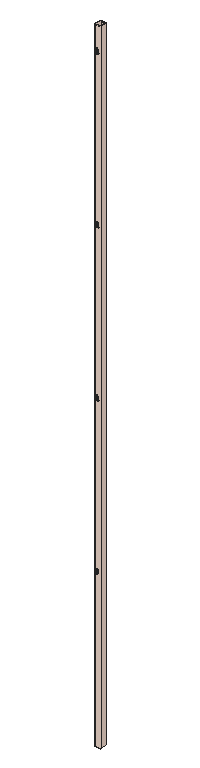
Revit family "SQ-PowerBar4050", category 機械設備, Revit 2020
Family settings
  丸型コネクタ寸法 = 直径を使用
  種別 = なし
  パーツ タイプ = 標準
  作業面ベース = いいえ
  常に垂直 = はい
  ロード時にボイドで切り取り = いいえ
  共有 = いいえ
  部屋計算ポイント = いいえ
Parameters
  製造元 = "株式会社桐井製作所"
  既定の高さ = 0 mm
  振れ止め本数 [instance] = roundup(([K_長さ(mm)] - 1200 mm) * 1 / 振れ止めピッチ) * 1  # 4
  振れ止めピッチ = 1200 mm  # constant formula
  URL = "https://www.kirii.co.jp/"
  K_長さ(mm) [instance] = 5000 mm
  K_外形寸法(mm) = "40×50×0.45"
  K_品名 = "SQ-PowerBar4050"
  K_名称 = "スタッド"
  K_バージョン情報 = "20210714"
Reference planes
  plane 1 "中心(正面/背面)": y = 0
  plane 2: z = 0
  plane 3 "中心(左/右)": x = 0
  plane 4: x = 20
  plane 5: x = -20
  plane 6: y = 24.99
  plane 7: z = 5000
  plane 8: y = -25.01
  plane 9: z = 1200
Forms (mm)
  Extrusion 1, solid
    sketch origin (0.5, -20, 0) x (1, 0, 0) y (0, 1, 0)
      loop
        line (-20.5, 44.99) -> (-20.5, -5.01) -> (19.5, -5.01) -> (19.5, 44.99) -> (-20.5, 44.99)
      loop
        line (-20.05, 44.54) -> (-20.05, -4.56) -> (19.05, -4.56) -> (19.05, 44.54) -> (-20.05, 44.54)
    from 0 to 5000
  Extrusion 2, void
    sketch origin (0, 0, -2.498) x (1, 0, 0) y (0, 0, 1)
      loop
        line (9.5, 1214.5) -> (10.689, 1225.606)
        arc (10.689, 1225.606) -> (9.707, 1231.368) -> (5.855, 1235.765) r 10.75
        arc (5.855, 1235.765) -> (5.521, 1236.127) -> (5.4, 1236.604) r 1
        line (5.4, 1236.604) -> (5.4, 1238.5)
        arc (5.4, 1238.5) -> (5.107, 1239.207) -> (4.4, 1239.5) r 1
        line (4.4, 1239.5) -> (-4.4, 1239.5)
        arc (-4.4, 1239.5) -> (-5.107, 1239.207) -> (-5.4, 1238.5) r 1
        line (-5.4, 1238.5) -> (-5.4, 1236.604)
        arc (-5.4, 1236.604) -> (-5.521, 1236.127) -> (-5.855, 1235.765) r 1
        arc (-5.855, 1235.765) -> (-9.707, 1231.368) -> (-10.689, 1225.606) r 10.75
        line (-10.689, 1225.606) -> (-9.5, 1214.5) -> (-9.5, 1211.956) -> (-8.421, 1209.153)
        arc (-8.421, 1209.153) -> (-8.3, 1208.52) -> (-8.407, 1207.885) r 1.817
        line (-8.407, 1207.885) -> (-9.501, 1204.847) -> (-9.501, 1203.499)
        arc (-9.501, 1203.499) -> (-9.208, 1202.791) -> (-8.5, 1202.498) r 1.001
        line (-8.5, 1202.498) -> (-6.417, 1202.498)
        arc (-6.417, 1202.498) -> (-5.841, 1202.309) -> (-5.486, 1201.818) r 0.978
        line (-5.486, 1201.818) -> (-5.359, 1201.002)
        arc (-5.359, 1201.002) -> (-5.072, 1200.31) -> (-4.379, 1200.023) r 0.979
        line (-4.379, 1200.023) -> (4.379, 1200.023)
        arc (4.379, 1200.023) -> (5.072, 1200.31) -> (5.359, 1201.002) r 0.979
        line (5.359, 1201.002) -> (5.486, 1201.818)
        arc (5.486, 1201.818) -> (5.841, 1202.309) -> (6.417, 1202.498) r 0.978
        line (6.417, 1202.498) -> (8.5, 1202.5)
        arc (8.5, 1202.5) -> (9.207, 1202.793) -> (9.5, 1203.5) r 1
        line (9.5, 1203.5) -> (9.5, 1204.849) -> (8.407, 1207.885)
        arc (8.407, 1207.885) -> (8.3, 1208.52) -> (8.421, 1209.153) r 1.817
        line (8.421, 1209.153) -> (9.5, 1211.956) -> (9.5, 1214.5)
    from -24.99 to -23.622
  Extrusion 3, void
    sketch origin (0, 0, 0) x (1, 0, 0) y (0, 0, 1)
      loop
        line (-4.774, 1234.724) -> (-4.8, 1233.869)
        arc (-4.8, 1233.869) -> (-9.43, 1229.41) -> (-10.689, 1223.106) r 10.75
        line (-10.689, 1223.106) -> (-9.5, 1212.003) -> (-9.5, 1209.457) -> (-9.5, 1200.952)
        arc (-9.5, 1200.952) -> (-9.19, 1200.276) -> (-8.5, 1200) r 1.001
        line (-8.5, 1200) -> (-4.8, 1200)
        arc (-4.8, 1200) -> (-4.507, 1199.293) -> (-3.8, 1199) r 1
        line (-3.8, 1199) -> (3.8, 1199)
        arc (3.8, 1199) -> (4.507, 1199.293) -> (4.8, 1200) r 1
        line (4.8, 1200) -> (8.5, 1200.002)
        arc (8.5, 1200.002) -> (9.207, 1200.295) -> (9.5, 1201) r 1
        line (9.5, 1201) -> (9.5, 1210) -> (9.5, 1212) -> (10.689, 1223.106)
        arc (10.689, 1223.106) -> (9.431, 1229.41) -> (4.8, 1233.869) r 10.75
        line (4.8, 1233.869) -> (4.774, 1234.724)
        arc (4.774, 1234.724) -> (4.423, 1235.282) -> (3.8, 1235.5) r 1
        line (3.8, 1235.5) -> (-3.8, 1235.5)
        arc (-3.8, 1235.5) -> (-4.423, 1235.282) -> (-4.774, 1234.724) r 1
    from 23.953 to 25.01
  Extrusion 4, void
    sketch origin (0, 0, 1200) x (1, 0, 0) y (0, 0, 1)
      loop
        line (-4.774, 1234.724) -> (-4.8, 1233.869)
        arc (-4.8, 1233.869) -> (-9.43, 1229.41) -> (-10.689, 1223.106) r 10.75
        line (-10.689, 1223.106) -> (-9.5, 1212.003) -> (-9.5, 1209.457) -> (-9.5, 1200.952)
        arc (-9.5, 1200.952) -> (-9.19, 1200.276) -> (-8.5, 1200) r 1.001
        line (-8.5, 1200) -> (-4.8, 1200)
        arc (-4.8, 1200) -> (-4.507, 1199.293) -> (-3.8, 1199) r 1
        line (-3.8, 1199) -> (3.8, 1199)
        arc (3.8, 1199) -> (4.507, 1199.293) -> (4.8, 1200) r 1
        line (4.8, 1200) -> (8.5, 1200.002)
        arc (8.5, 1200.002) -> (9.207, 1200.295) -> (9.5, 1201) r 1
        line (9.5, 1201) -> (9.5, 1210) -> (9.5, 1212) -> (10.689, 1223.106)
        arc (10.689, 1223.106) -> (9.431, 1229.41) -> (4.8, 1233.869) r 10.75
        line (4.8, 1233.869) -> (4.774, 1234.724)
        arc (4.774, 1234.724) -> (4.423, 1235.282) -> (3.8, 1235.5) r 1
        line (3.8, 1235.5) -> (-3.8, 1235.5)
        arc (-3.8, 1235.5) -> (-4.423, 1235.282) -> (-4.774, 1234.724) r 1
    from 23.953 to 25.01
  Extrusion 5, void
    sketch origin (0, 0, 2400) x (1, 0, 0) y (0, 0, 1)
      loop
        line (-4.774, 1234.724) -> (-4.8, 1233.869)
        arc (-4.8, 1233.869) -> (-9.43, 1229.41) -> (-10.689, 1223.106) r 10.75
        line (-10.689, 1223.106) -> (-9.5, 1212.003) -> (-9.5, 1209.457) -> (-9.5, 1200.952)
        arc (-9.5, 1200.952) -> (-9.19, 1200.276) -> (-8.5, 1200) r 1.001
        line (-8.5, 1200) -> (-4.8, 1200)
        arc (-4.8, 1200) -> (-4.507, 1199.293) -> (-3.8, 1199) r 1
        line (-3.8, 1199) -> (3.8, 1199)
        arc (3.8, 1199) -> (4.507, 1199.293) -> (4.8, 1200) r 1
        line (4.8, 1200) -> (8.5, 1200.002)
        arc (8.5, 1200.002) -> (9.207, 1200.295) -> (9.5, 1201) r 1
        line (9.5, 1201) -> (9.5, 1210) -> (9.5, 1212) -> (10.689, 1223.106)
        arc (10.689, 1223.106) -> (9.431, 1229.41) -> (4.8, 1233.869) r 10.75
        line (4.8, 1233.869) -> (4.774, 1234.724)
        arc (4.774, 1234.724) -> (4.423, 1235.282) -> (3.8, 1235.5) r 1
        line (3.8, 1235.5) -> (-3.8, 1235.5)
        arc (-3.8, 1235.5) -> (-4.423, 1235.282) -> (-4.774, 1234.724) r 1
    from 23.953 to 25.01
  Extrusion 6, void
    sketch origin (0, 0, 3600) x (1, 0, 0) y (0, 0, 1)
      loop
        line (-4.774, 1234.724) -> (-4.8, 1233.869)
        arc (-4.8, 1233.869) -> (-9.43, 1229.41) -> (-10.689, 1223.106) r 10.75
        line (-10.689, 1223.106) -> (-9.5, 1212.003) -> (-9.5, 1209.457) -> (-9.5, 1200.952)
        arc (-9.5, 1200.952) -> (-9.19, 1200.276) -> (-8.5, 1200) r 1.001
        line (-8.5, 1200) -> (-4.8, 1200)
        arc (-4.8, 1200) -> (-4.507, 1199.293) -> (-3.8, 1199) r 1
        line (-3.8, 1199) -> (3.8, 1199)
        arc (3.8, 1199) -> (4.507, 1199.293) -> (4.8, 1200) r 1
        line (4.8, 1200) -> (8.5, 1200.002)
        arc (8.5, 1200.002) -> (9.207, 1200.295) -> (9.5, 1201) r 1
        line (9.5, 1201) -> (9.5, 1210) -> (9.5, 1212) -> (10.689, 1223.106)
        arc (10.689, 1223.106) -> (9.431, 1229.41) -> (4.8, 1233.869) r 10.75
        line (4.8, 1233.869) -> (4.774, 1234.724)
        arc (4.774, 1234.724) -> (4.423, 1235.282) -> (3.8, 1235.5) r 1
        line (3.8, 1235.5) -> (-3.8, 1235.5)
        arc (-3.8, 1235.5) -> (-4.423, 1235.282) -> (-4.774, 1234.724) r 1
    from 23.953 to 25.01
  Extrusion 7, void
    sketch origin (0, 0, 1197.502) x (1, 0, 0) y (0, 0, 1)
      loop
        line (9.5, 1214.5) -> (10.689, 1225.606)
        arc (10.689, 1225.606) -> (9.707, 1231.368) -> (5.855, 1235.765) r 10.75
        arc (5.855, 1235.765) -> (5.521, 1236.127) -> (5.4, 1236.604) r 1
        line (5.4, 1236.604) -> (5.4, 1238.5)
        arc (5.4, 1238.5) -> (5.107, 1239.207) -> (4.4, 1239.5) r 1
        line (4.4, 1239.5) -> (-4.4, 1239.5)
        arc (-4.4, 1239.5) -> (-5.107, 1239.207) -> (-5.4, 1238.5) r 1
        line (-5.4, 1238.5) -> (-5.4, 1236.604)
        arc (-5.4, 1236.604) -> (-5.521, 1236.127) -> (-5.855, 1235.765) r 1
        arc (-5.855, 1235.765) -> (-9.707, 1231.368) -> (-10.689, 1225.606) r 10.75
        line (-10.689, 1225.606) -> (-9.5, 1214.5) -> (-9.5, 1211.956) -> (-8.421, 1209.153)
        arc (-8.421, 1209.153) -> (-8.3, 1208.52) -> (-8.407, 1207.885) r 1.817
        line (-8.407, 1207.885) -> (-9.501, 1204.847) -> (-9.501, 1203.499)
        arc (-9.501, 1203.499) -> (-9.208, 1202.791) -> (-8.5, 1202.498) r 1.001
        line (-8.5, 1202.498) -> (-6.417, 1202.498)
        arc (-6.417, 1202.498) -> (-5.841, 1202.309) -> (-5.486, 1201.818) r 0.978
        line (-5.486, 1201.818) -> (-5.359, 1201.002)
        arc (-5.359, 1201.002) -> (-5.072, 1200.31) -> (-4.379, 1200.023) r 0.979
        line (-4.379, 1200.023) -> (4.379, 1200.023)
        arc (4.379, 1200.023) -> (5.072, 1200.31) -> (5.359, 1201.002) r 0.979
        line (5.359, 1201.002) -> (5.486, 1201.818)
        arc (5.486, 1201.818) -> (5.841, 1202.309) -> (6.417, 1202.498) r 0.978
        line (6.417, 1202.498) -> (8.5, 1202.5)
        arc (8.5, 1202.5) -> (9.207, 1202.793) -> (9.5, 1203.5) r 1
        line (9.5, 1203.5) -> (9.5, 1204.849) -> (8.407, 1207.885)
        arc (8.407, 1207.885) -> (8.3, 1208.52) -> (8.421, 1209.153) r 1.817
        line (8.421, 1209.153) -> (9.5, 1211.956) -> (9.5, 1214.5)
    from -24.99 to -23.622
  Extrusion 8, void
    sketch origin (0, 0, 2397.502) x (1, 0, 0) y (0, 0, 1)
      loop
        line (9.5, 1214.5) -> (10.689, 1225.606)
        arc (10.689, 1225.606) -> (9.707, 1231.368) -> (5.855, 1235.765) r 10.75
        arc (5.855, 1235.765) -> (5.521, 1236.127) -> (5.4, 1236.604) r 1
        line (5.4, 1236.604) -> (5.4, 1238.5)
        arc (5.4, 1238.5) -> (5.107, 1239.207) -> (4.4, 1239.5) r 1
        line (4.4, 1239.5) -> (-4.4, 1239.5)
        arc (-4.4, 1239.5) -> (-5.107, 1239.207) -> (-5.4, 1238.5) r 1
        line (-5.4, 1238.5) -> (-5.4, 1236.604)
        arc (-5.4, 1236.604) -> (-5.521, 1236.127) -> (-5.855, 1235.765) r 1
        arc (-5.855, 1235.765) -> (-9.707, 1231.368) -> (-10.689, 1225.606) r 10.75
        line (-10.689, 1225.606) -> (-9.5, 1214.5) -> (-9.5, 1211.956) -> (-8.421, 1209.153)
        arc (-8.421, 1209.153) -> (-8.3, 1208.52) -> (-8.407, 1207.885) r 1.817
        line (-8.407, 1207.885) -> (-9.501, 1204.847) -> (-9.501, 1203.499)
        arc (-9.501, 1203.499) -> (-9.208, 1202.791) -> (-8.5, 1202.498) r 1.001
        line (-8.5, 1202.498) -> (-6.417, 1202.498)
        arc (-6.417, 1202.498) -> (-5.841, 1202.309) -> (-5.486, 1201.818) r 0.978
        line (-5.486, 1201.818) -> (-5.359, 1201.002)
        arc (-5.359, 1201.002) -> (-5.072, 1200.31) -> (-4.379, 1200.023) r 0.979
        line (-4.379, 1200.023) -> (4.379, 1200.023)
        arc (4.379, 1200.023) -> (5.072, 1200.31) -> (5.359, 1201.002) r 0.979
        line (5.359, 1201.002) -> (5.486, 1201.818)
        arc (5.486, 1201.818) -> (5.841, 1202.309) -> (6.417, 1202.498) r 0.978
        line (6.417, 1202.498) -> (8.5, 1202.5)
        arc (8.5, 1202.5) -> (9.207, 1202.793) -> (9.5, 1203.5) r 1
        line (9.5, 1203.5) -> (9.5, 1204.849) -> (8.407, 1207.885)
        arc (8.407, 1207.885) -> (8.3, 1208.52) -> (8.421, 1209.153) r 1.817
        line (8.421, 1209.153) -> (9.5, 1211.956) -> (9.5, 1214.5)
    from -24.99 to -23.622
  Extrusion 9, void
    sketch origin (0, 0, 3597.502) x (1, 0, 0) y (0, 0, 1)
      loop
        line (9.5, 1214.5) -> (10.689, 1225.606)
        arc (10.689, 1225.606) -> (9.707, 1231.368) -> (5.855, 1235.765) r 10.75
        arc (5.855, 1235.765) -> (5.521, 1236.127) -> (5.4, 1236.604) r 1
        line (5.4, 1236.604) -> (5.4, 1238.5)
        arc (5.4, 1238.5) -> (5.107, 1239.207) -> (4.4, 1239.5) r 1
        line (4.4, 1239.5) -> (-4.4, 1239.5)
        arc (-4.4, 1239.5) -> (-5.107, 1239.207) -> (-5.4, 1238.5) r 1
        line (-5.4, 1238.5) -> (-5.4, 1236.604)
        arc (-5.4, 1236.604) -> (-5.521, 1236.127) -> (-5.855, 1235.765) r 1
        arc (-5.855, 1235.765) -> (-9.707, 1231.368) -> (-10.689, 1225.606) r 10.75
        line (-10.689, 1225.606) -> (-9.5, 1214.5) -> (-9.5, 1211.956) -> (-8.421, 1209.153)
        arc (-8.421, 1209.153) -> (-8.3, 1208.52) -> (-8.407, 1207.885) r 1.817
        line (-8.407, 1207.885) -> (-9.501, 1204.847) -> (-9.501, 1203.499)
        arc (-9.501, 1203.499) -> (-9.208, 1202.791) -> (-8.5, 1202.498) r 1.001
        line (-8.5, 1202.498) -> (-6.417, 1202.498)
        arc (-6.417, 1202.498) -> (-5.841, 1202.309) -> (-5.486, 1201.818) r 0.978
        line (-5.486, 1201.818) -> (-5.359, 1201.002)
        arc (-5.359, 1201.002) -> (-5.072, 1200.31) -> (-4.379, 1200.023) r 0.979
        line (-4.379, 1200.023) -> (4.379, 1200.023)
        arc (4.379, 1200.023) -> (5.072, 1200.31) -> (5.359, 1201.002) r 0.979
        line (5.359, 1201.002) -> (5.486, 1201.818)
        arc (5.486, 1201.818) -> (5.841, 1202.309) -> (6.417, 1202.498) r 0.978
        line (6.417, 1202.498) -> (8.5, 1202.5)
        arc (8.5, 1202.5) -> (9.207, 1202.793) -> (9.5, 1203.5) r 1
        line (9.5, 1203.5) -> (9.5, 1204.849) -> (8.407, 1207.885)
        arc (8.407, 1207.885) -> (8.3, 1208.52) -> (8.421, 1209.153) r 1.817
        line (8.421, 1209.153) -> (9.5, 1211.956) -> (9.5, 1214.5)
    from -24.99 to -23.622
Cuts and joins
  Extrusion 2, Extrusion 3, Extrusion 4, Extrusion 5, Extrusion 6, Extrusion 7, Extrusion 8, Extrusion 9 cuts Extrusion 1
Dimensions and locks
  "K_長さ(mm)": plane 7 to level
  equal spacing: group 1, group 2, group 3, group 4  (x3)
  "振れ止めピッチ": plane 2 to plane 9
  equal spacing: group 5, group 6, group 7, group 8  (x3)
  aligned and locked: level to plane 2
  aligned and locked: plane 7 to Extrusion 1
  aligned and locked: plane 9 to cut or joined group 1 (Extrusion 1, Extrusion 2, Extrusion 3, Extrusion 4, Extrusion 5, Extrusion 6, Extrusion 7, Extrusion 8, Extrusion 9)
  aligned and locked: cut or joined group 1 to plane 9
Automatic sketch dimensions
  Extrusion 2 sketch curve to Extrusion 2 sketch curve = 1.188 mm
  Extrusion 2 sketch curve to Extrusion 2 sketch curve = 0.001 mm
  Extrusion 2 sketch curve to Extrusion 2 sketch curve = 1.001 mm
  Extrusion 2 sketch curve to Extrusion 2 sketch curve = 2.082 mm
  Extrusion 2 sketch curve to Extrusion 2 sketch curve = 4.289 mm
  Extrusion 2 sketch curve to Extrusion 2 sketch curve = 0.931 mm  (x2)
  Extrusion 2 sketch curve to Extrusion 2 sketch curve = 1 mm  (x6)
  Extrusion 2 sketch curve to Extrusion 2 sketch curve = 0.127 mm  (x2)
  Extrusion 2 sketch curve to Extrusion 2 sketch curve = 0.979 mm
  Extrusion 2 sketch curve to Extrusion 2 sketch curve = 10.689 mm  (x2)
  Extrusion 2 sketch curve to Extrusion 2 sketch curve = 8.759 mm
  Extrusion 2 sketch curve to Extrusion 2 sketch curve = 8.8 mm
  Extrusion 2 sketch curve to Extrusion 2 sketch curve = 2.083 mm
  Extrusion 2 sketch curve to Extrusion 2 sketch curve = 0 mm  (x5)
  Extrusion 2 sketch curve to Extrusion 2 sketch curve = 0.518 mm  (x2)
  Extrusion 2 sketch curve to Extrusion 2 sketch curve = 0.816 mm  (x2)
  Extrusion 2 sketch curve to Extrusion 2 sketch curve = 0.002 mm
  Extrusion 2 sketch curve to Extrusion 2 sketch curve = 8.457 mm
  Extrusion 2 sketch curve to Extrusion 2 sketch curve = 8.456 mm
  Extrusion 2 sketch curve to Extrusion 2 sketch curve = 2.544 mm  (x2)
  Extrusion 2 sketch curve to Extrusion 2 sketch curve = 11.106 mm  (x2)
  Extrusion 2 sketch curve to Extrusion 2 sketch curve = 1.144 mm
  Extrusion 2 sketch curve to Extrusion 2 sketch curve = 9.854 mm  (x2)
  Extrusion 2 sketch curve to Extrusion 2 sketch curve = 1.896 mm
  Extrusion 2 sketch curve to Extrusion 2 sketch curve = 1.079 mm
  Extrusion 2 sketch curve to Extrusion 2 sketch curve = 0.014 mm  (x2)
  Extrusion 2 sketch curve to Extrusion 2 sketch curve = 0.017 mm
  Extrusion 2 sketch curve to Extrusion 2 sketch curve = 1.093 mm
  Extrusion 2 sketch curve to Extrusion 2 sketch curve = 1.348 mm
  Extrusion 2 sketch curve to Extrusion 2 sketch curve = 1.349 mm
  Extrusion 2 sketch curve to Extrusion 2 sketch curve = 3.036 mm
  Extrusion 2 sketch curve to Extrusion 2 sketch curve = 3.038 mm
  Extrusion 2 sketch curve to Extrusion 2 sketch curve = 1.268 mm  (x2)
  Extrusion 2 sketch curve to Extrusion 2 sketch curve = 1.695 mm
  Extrusion 2 sketch curve to Extrusion 2 sketch curve = 1.709 mm
  Extrusion 3 sketch curve to Extrusion 3 sketch curve = 0 mm  (x7)
  Extrusion 3 sketch curve to Extrusion 3 sketch curve = 1 mm  (x4)
  Extrusion 3 sketch curve to Extrusion 3 sketch curve = 3.7 mm  (x2)
  Extrusion 3 sketch curve to Extrusion 3 sketch curve = 0.025 mm  (x2)
  Extrusion 3 sketch curve to Extrusion 3 sketch curve = 0.975 mm  (x2)
  Extrusion 3 sketch curve to Extrusion 3 sketch curve = 8.998 mm
  Extrusion 3 sketch curve to Extrusion 3 sketch curve = 2 mm
  Extrusion 3 sketch curve to Extrusion 3 sketch curve = 11.002 mm
  Extrusion 3 sketch curve to Extrusion 3 sketch curve = 11.102 mm
  Extrusion 3 sketch curve to Extrusion 3 sketch curve = 11.106 mm
  Extrusion 3 sketch curve to Extrusion 3 sketch curve = 1.144 mm
  Extrusion 3 sketch curve to Extrusion 3 sketch curve = 0.631 mm  (x2)
  Extrusion 3 sketch curve to Extrusion 3 sketch curve = 0.855 mm
  Extrusion 3 sketch curve to Extrusion 3 sketch curve = 0.002 mm
  Extrusion 3 sketch curve to Extrusion 3 sketch curve = 2.546 mm
  Extrusion 3 sketch curve to Extrusion 3 sketch curve = 0.001 mm
  Extrusion 3 sketch curve to Extrusion 3 sketch curve = 1.189 mm
  Extrusion 3 sketch curve to Extrusion 3 sketch curve = 5.889 mm
  Extrusion 3 sketch curve to Extrusion 3 sketch curve = 10.689 mm  (x2)
  Extrusion 3 sketch curve to Extrusion 3 sketch curve = 7.599 mm
  Extrusion 3 sketch curve to Extrusion 3 sketch curve = 7.6 mm
  Extrusion 3 sketch curve to Extrusion 3 sketch curve = 0.952 mm
  Extrusion 3 sketch curve to Extrusion 3 sketch curve = 1.002 mm
  Extrusion 4 sketch curve to Extrusion 4 sketch curve = 0 mm  (x7)
  Extrusion 4 sketch curve to Extrusion 4 sketch curve = 1 mm  (x4)
  Extrusion 4 sketch curve to Extrusion 4 sketch curve = 3.7 mm  (x2)
  Extrusion 4 sketch curve to Extrusion 4 sketch curve = 0.025 mm  (x2)
  Extrusion 4 sketch curve to Extrusion 4 sketch curve = 0.975 mm  (x2)
  Extrusion 4 sketch curve to Extrusion 4 sketch curve = 8.998 mm
  Extrusion 4 sketch curve to Extrusion 4 sketch curve = 2 mm
  Extrusion 4 sketch curve to Extrusion 4 sketch curve = 11.002 mm
  Extrusion 4 sketch curve to Extrusion 4 sketch curve = 11.102 mm
  Extrusion 4 sketch curve to Extrusion 4 sketch curve = 11.106 mm
  Extrusion 4 sketch curve to Extrusion 4 sketch curve = 1.144 mm
  Extrusion 4 sketch curve to Extrusion 4 sketch curve = 0.631 mm  (x2)
  Extrusion 4 sketch curve to Extrusion 4 sketch curve = 0.855 mm
  Extrusion 4 sketch curve to Extrusion 4 sketch curve = 0.002 mm
  Extrusion 4 sketch curve to Extrusion 4 sketch curve = 2.546 mm
  Extrusion 4 sketch curve to Extrusion 4 sketch curve = 0.001 mm
  Extrusion 4 sketch curve to Extrusion 4 sketch curve = 1.189 mm
  Extrusion 4 sketch curve to Extrusion 4 sketch curve = 5.889 mm
  Extrusion 4 sketch curve to Extrusion 4 sketch curve = 10.689 mm  (x2)
  Extrusion 4 sketch curve to Extrusion 4 sketch curve = 7.599 mm
  Extrusion 4 sketch curve to Extrusion 4 sketch curve = 7.6 mm
  Extrusion 4 sketch curve to Extrusion 4 sketch curve = 0.952 mm
  Extrusion 4 sketch curve to Extrusion 4 sketch curve = 1.002 mm
  Extrusion 5 sketch curve to Extrusion 5 sketch curve = 0 mm  (x7)
  Extrusion 5 sketch curve to Extrusion 5 sketch curve = 1 mm  (x4)
  Extrusion 5 sketch curve to Extrusion 5 sketch curve = 3.7 mm  (x2)
  Extrusion 5 sketch curve to Extrusion 5 sketch curve = 0.025 mm  (x2)
  Extrusion 5 sketch curve to Extrusion 5 sketch curve = 0.975 mm  (x2)
  Extrusion 5 sketch curve to Extrusion 5 sketch curve = 8.998 mm
  Extrusion 5 sketch curve to Extrusion 5 sketch curve = 2 mm
  Extrusion 5 sketch curve to Extrusion 5 sketch curve = 11.002 mm
  Extrusion 5 sketch curve to Extrusion 5 sketch curve = 11.102 mm
  Extrusion 5 sketch curve to Extrusion 5 sketch curve = 11.106 mm
  Extrusion 5 sketch curve to Extrusion 5 sketch curve = 1.144 mm
  Extrusion 5 sketch curve to Extrusion 5 sketch curve = 0.631 mm  (x2)
  Extrusion 5 sketch curve to Extrusion 5 sketch curve = 0.855 mm
  Extrusion 5 sketch curve to Extrusion 5 sketch curve = 0.002 mm
  Extrusion 5 sketch curve to Extrusion 5 sketch curve = 2.546 mm
  Extrusion 5 sketch curve to Extrusion 5 sketch curve = 0.001 mm
  Extrusion 5 sketch curve to Extrusion 5 sketch curve = 1.189 mm
  Extrusion 5 sketch curve to Extrusion 5 sketch curve = 5.889 mm
  Extrusion 5 sketch curve to Extrusion 5 sketch curve = 10.689 mm  (x2)
  Extrusion 5 sketch curve to Extrusion 5 sketch curve = 7.599 mm
  Extrusion 5 sketch curve to Extrusion 5 sketch curve = 7.6 mm
  Extrusion 5 sketch curve to Extrusion 5 sketch curve = 0.952 mm
  Extrusion 5 sketch curve to Extrusion 5 sketch curve = 1.002 mm
  Extrusion 6 sketch curve to Extrusion 6 sketch curve = 0 mm  (x7)
  Extrusion 6 sketch curve to Extrusion 6 sketch curve = 1 mm  (x4)
  Extrusion 6 sketch curve to Extrusion 6 sketch curve = 3.7 mm  (x2)
  Extrusion 6 sketch curve to Extrusion 6 sketch curve = 0.025 mm  (x2)
  Extrusion 6 sketch curve to Extrusion 6 sketch curve = 0.975 mm  (x2)
  Extrusion 6 sketch curve to Extrusion 6 sketch curve = 8.998 mm
  Extrusion 6 sketch curve to Extrusion 6 sketch curve = 2 mm
  Extrusion 6 sketch curve to Extrusion 6 sketch curve = 11.002 mm
  Extrusion 6 sketch curve to Extrusion 6 sketch curve = 11.102 mm
  Extrusion 6 sketch curve to Extrusion 6 sketch curve = 11.106 mm
  Extrusion 6 sketch curve to Extrusion 6 sketch curve = 1.144 mm
  Extrusion 6 sketch curve to Extrusion 6 sketch curve = 0.631 mm  (x2)
  Extrusion 6 sketch curve to Extrusion 6 sketch curve = 0.855 mm
  Extrusion 6 sketch curve to Extrusion 6 sketch curve = 0.002 mm
  Extrusion 6 sketch curve to Extrusion 6 sketch curve = 2.546 mm
  Extrusion 6 sketch curve to Extrusion 6 sketch curve = 0.001 mm
  Extrusion 6 sketch curve to Extrusion 6 sketch curve = 1.189 mm
  Extrusion 6 sketch curve to Extrusion 6 sketch curve = 5.889 mm
  Extrusion 6 sketch curve to Extrusion 6 sketch curve = 10.689 mm  (x2)
  Extrusion 6 sketch curve to Extrusion 6 sketch curve = 7.599 mm
  Extrusion 6 sketch curve to Extrusion 6 sketch curve = 7.6 mm
  Extrusion 6 sketch curve to Extrusion 6 sketch curve = 0.952 mm
  Extrusion 6 sketch curve to Extrusion 6 sketch curve = 1.002 mm
  Extrusion 7 sketch curve to Extrusion 7 sketch curve = 1.188 mm
  Extrusion 7 sketch curve to Extrusion 7 sketch curve = 0.001 mm
  Extrusion 7 sketch curve to Extrusion 7 sketch curve = 1.001 mm
  Extrusion 7 sketch curve to Extrusion 7 sketch curve = 2.082 mm
  Extrusion 7 sketch curve to Extrusion 7 sketch curve = 4.289 mm
  Extrusion 7 sketch curve to Extrusion 7 sketch curve = 0.931 mm  (x2)
  Extrusion 7 sketch curve to Extrusion 7 sketch curve = 1 mm  (x6)
  Extrusion 7 sketch curve to Extrusion 7 sketch curve = 0.127 mm  (x2)
  Extrusion 7 sketch curve to Extrusion 7 sketch curve = 0.979 mm
  Extrusion 7 sketch curve to Extrusion 7 sketch curve = 10.689 mm  (x2)
  Extrusion 7 sketch curve to Extrusion 7 sketch curve = 8.759 mm
  Extrusion 7 sketch curve to Extrusion 7 sketch curve = 8.8 mm
  Extrusion 7 sketch curve to Extrusion 7 sketch curve = 2.083 mm
  Extrusion 7 sketch curve to Extrusion 7 sketch curve = 0 mm  (x5)
  Extrusion 7 sketch curve to Extrusion 7 sketch curve = 0.518 mm  (x2)
  Extrusion 7 sketch curve to Extrusion 7 sketch curve = 0.816 mm  (x2)
  Extrusion 7 sketch curve to Extrusion 7 sketch curve = 0.002 mm
  Extrusion 7 sketch curve to Extrusion 7 sketch curve = 8.457 mm
  Extrusion 7 sketch curve to Extrusion 7 sketch curve = 8.456 mm
  Extrusion 7 sketch curve to Extrusion 7 sketch curve = 2.544 mm  (x2)
  Extrusion 7 sketch curve to Extrusion 7 sketch curve = 11.106 mm  (x2)
  Extrusion 7 sketch curve to Extrusion 7 sketch curve = 1.144 mm
  Extrusion 7 sketch curve to Extrusion 7 sketch curve = 9.854 mm  (x2)
  Extrusion 7 sketch curve to Extrusion 7 sketch curve = 1.896 mm
  Extrusion 7 sketch curve to Extrusion 7 sketch curve = 1.079 mm
  Extrusion 7 sketch curve to Extrusion 7 sketch curve = 0.014 mm  (x2)
  Extrusion 7 sketch curve to Extrusion 7 sketch curve = 0.017 mm
  Extrusion 7 sketch curve to Extrusion 7 sketch curve = 1.093 mm
  Extrusion 7 sketch curve to Extrusion 7 sketch curve = 1.348 mm
  Extrusion 7 sketch curve to Extrusion 7 sketch curve = 1.349 mm
  Extrusion 7 sketch curve to Extrusion 7 sketch curve = 3.036 mm
  Extrusion 7 sketch curve to Extrusion 7 sketch curve = 3.038 mm
  Extrusion 7 sketch curve to Extrusion 7 sketch curve = 1.268 mm  (x2)
  Extrusion 7 sketch curve to Extrusion 7 sketch curve = 1.695 mm
  Extrusion 7 sketch curve to Extrusion 7 sketch curve = 1.709 mm
  Extrusion 8 sketch curve to Extrusion 8 sketch curve = 1.188 mm
  Extrusion 8 sketch curve to Extrusion 8 sketch curve = 0.001 mm
  Extrusion 8 sketch curve to Extrusion 8 sketch curve = 1.001 mm
  Extrusion 8 sketch curve to Extrusion 8 sketch curve = 2.082 mm
  Extrusion 8 sketch curve to Extrusion 8 sketch curve = 4.289 mm
  Extrusion 8 sketch curve to Extrusion 8 sketch curve = 0.931 mm  (x2)
  Extrusion 8 sketch curve to Extrusion 8 sketch curve = 1 mm  (x6)
  Extrusion 8 sketch curve to Extrusion 8 sketch curve = 0.127 mm  (x2)
  Extrusion 8 sketch curve to Extrusion 8 sketch curve = 0.979 mm
  Extrusion 8 sketch curve to Extrusion 8 sketch curve = 10.689 mm  (x2)
  Extrusion 8 sketch curve to Extrusion 8 sketch curve = 8.759 mm
  Extrusion 8 sketch curve to Extrusion 8 sketch curve = 8.8 mm
  Extrusion 8 sketch curve to Extrusion 8 sketch curve = 2.083 mm
  Extrusion 8 sketch curve to Extrusion 8 sketch curve = 0 mm  (x5)
  Extrusion 8 sketch curve to Extrusion 8 sketch curve = 0.518 mm  (x2)
  Extrusion 8 sketch curve to Extrusion 8 sketch curve = 0.816 mm  (x2)
  Extrusion 8 sketch curve to Extrusion 8 sketch curve = 0.002 mm
  Extrusion 8 sketch curve to Extrusion 8 sketch curve = 8.457 mm
  Extrusion 8 sketch curve to Extrusion 8 sketch curve = 8.456 mm
  Extrusion 8 sketch curve to Extrusion 8 sketch curve = 2.544 mm  (x2)
  Extrusion 8 sketch curve to Extrusion 8 sketch curve = 11.106 mm  (x2)
  Extrusion 8 sketch curve to Extrusion 8 sketch curve = 1.144 mm
  Extrusion 8 sketch curve to Extrusion 8 sketch curve = 9.854 mm  (x2)
  Extrusion 8 sketch curve to Extrusion 8 sketch curve = 1.896 mm
  Extrusion 8 sketch curve to Extrusion 8 sketch curve = 1.079 mm
  Extrusion 8 sketch curve to Extrusion 8 sketch curve = 0.014 mm  (x2)
  Extrusion 8 sketch curve to Extrusion 8 sketch curve = 0.017 mm
  Extrusion 8 sketch curve to Extrusion 8 sketch curve = 1.093 mm
  Extrusion 8 sketch curve to Extrusion 8 sketch curve = 1.348 mm
  Extrusion 8 sketch curve to Extrusion 8 sketch curve = 1.349 mm
  Extrusion 8 sketch curve to Extrusion 8 sketch curve = 3.036 mm
  Extrusion 8 sketch curve to Extrusion 8 sketch curve = 3.038 mm
  Extrusion 8 sketch curve to Extrusion 8 sketch curve = 1.268 mm  (x2)
  Extrusion 8 sketch curve to Extrusion 8 sketch curve = 1.695 mm
  Extrusion 8 sketch curve to Extrusion 8 sketch curve = 1.709 mm
  Extrusion 9 sketch curve to Extrusion 9 sketch curve = 1.188 mm
  Extrusion 9 sketch curve to Extrusion 9 sketch curve = 0.001 mm
  Extrusion 9 sketch curve to Extrusion 9 sketch curve = 1.001 mm
  Extrusion 9 sketch curve to Extrusion 9 sketch curve = 2.082 mm
  Extrusion 9 sketch curve to Extrusion 9 sketch curve = 4.289 mm
  Extrusion 9 sketch curve to Extrusion 9 sketch curve = 0.931 mm  (x2)
  Extrusion 9 sketch curve to Extrusion 9 sketch curve = 1 mm  (x6)
  Extrusion 9 sketch curve to Extrusion 9 sketch curve = 0.127 mm  (x2)
  Extrusion 9 sketch curve to Extrusion 9 sketch curve = 0.979 mm
  Extrusion 9 sketch curve to Extrusion 9 sketch curve = 10.689 mm  (x2)
  Extrusion 9 sketch curve to Extrusion 9 sketch curve = 8.759 mm
  Extrusion 9 sketch curve to Extrusion 9 sketch curve = 8.8 mm
  Extrusion 9 sketch curve to Extrusion 9 sketch curve = 2.083 mm
  Extrusion 9 sketch curve to Extrusion 9 sketch curve = 0 mm  (x5)
  Extrusion 9 sketch curve to Extrusion 9 sketch curve = 0.518 mm  (x2)
  Extrusion 9 sketch curve to Extrusion 9 sketch curve = 0.816 mm  (x2)
  Extrusion 9 sketch curve to Extrusion 9 sketch curve = 0.002 mm
  Extrusion 9 sketch curve to Extrusion 9 sketch curve = 8.457 mm
  Extrusion 9 sketch curve to Extrusion 9 sketch curve = 8.456 mm
  Extrusion 9 sketch curve to Extrusion 9 sketch curve = 2.544 mm  (x2)
  Extrusion 9 sketch curve to Extrusion 9 sketch curve = 11.106 mm  (x2)
  Extrusion 9 sketch curve to Extrusion 9 sketch curve = 1.144 mm
  Extrusion 9 sketch curve to Extrusion 9 sketch curve = 9.854 mm  (x2)
  Extrusion 9 sketch curve to Extrusion 9 sketch curve = 1.896 mm
  Extrusion 9 sketch curve to Extrusion 9 sketch curve = 1.079 mm
  Extrusion 9 sketch curve to Extrusion 9 sketch curve = 0.014 mm  (x2)
  Extrusion 9 sketch curve to Extrusion 9 sketch curve = 0.017 mm
  Extrusion 9 sketch curve to Extrusion 9 sketch curve = 1.093 mm
  Extrusion 9 sketch curve to Extrusion 9 sketch curve = 1.348 mm
  Extrusion 9 sketch curve to Extrusion 9 sketch curve = 1.349 mm
  Extrusion 9 sketch curve to Extrusion 9 sketch curve = 3.036 mm
  Extrusion 9 sketch curve to Extrusion 9 sketch curve = 3.038 mm
  Extrusion 9 sketch curve to Extrusion 9 sketch curve = 1.268 mm  (x2)
  Extrusion 9 sketch curve to Extrusion 9 sketch curve = 1.695 mm
  Extrusion 9 sketch curve to Extrusion 9 sketch curve = 1.709 mm
  Extrusion 1 sketch curve to plane 8 = 0 mm
  plane 8 to Extrusion 1 sketch curve = 0.45 mm
  Extrusion 1 sketch curve to plane 4 = 0.45 mm
  plane 5 to Extrusion 1 sketch curve = 0.45 mm
  Extrusion 1 sketch curve to plane 6 = 0 mm
  Extrusion 1 sketch curve to plane 6 = 0.45 mm
  Extrusion 1 sketch curve to plane 5 = 0 mm
  Extrusion 1 sketch curve to plane 4 = 0 mm
